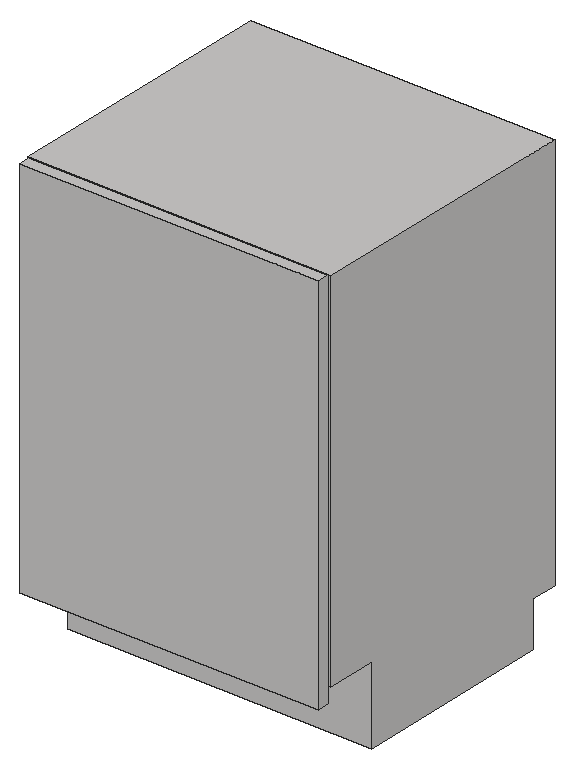
Revit family "DF480700", category Generic Models, Revit 2015
Parameters (values of type "DF480700")
  Width = 598 mm
  URL = "http://www.gaggenau.com."
  Model = "DF480700"
  Manufacturer = "Gaggenau"
  Height = 877 mm
  Fridge = Metal Panel
  Door = Metal Panel
  Description = "Gaggenau Dishwasher 400 series fully integrated (ADA compliant) Euro tub, appliance height 32 ³⁄₁₆\""
  Depth = 550 mm
Reference planes
  plane 1 "Center (Front/Back)": y = 0
  plane 2: z = 0
  plane 3 "Center (Left/Right)": x = 0
  plane 4: x = -299
  plane 5: x = 299
  plane 6: z = 877
  plane 7: z = 152
  plane 8: z = 89
  plane 9: z = 20
  plane 10: y = 275
  plane 11: y = -275
  plane 12: y = -297
Forms (mm)
  Extrusion 1, solid, material "Metal Panel" <- "Fridge"
    sketch origin (0, 0, 0) x (0, 1, 0) y (0, 0, 1)
      loop
        line (275, 89) -> (275, 877) -> (-275, 877) -> (-275, 152) -> (-175, 152) -> (-175, 0) -> (222, 0) -> (222, 89) -> (275, 89)
    from -299 to 299
  Extrusion 2, solid, material "Metal Panel" <- "Door"
    sketch origin (0, 0, 0) x (0, 1, 0) y (0, 0, 1)
      loop
        line (-297, 877) -> (-297, 120) -> (-275, 120) -> (-275, 877) -> (-297, 877)
    from -295.471 to 293.529
Dimensions and locks
  "Width": plane 4 to plane 5
  equal spacing: plane 4, plane 3 "Center (Left/Right)", plane 5
  "Height": plane 6 to level
  plane 7 to plane 2 = 152 mm
  plane 6 to plane 7 = 725 mm
  equal spacing: plane 10, plane 1 "Center (Front/Back)", plane 11
  "Depth": plane 10 to plane 11
  plane 10 to plane 11 = 550 mm
  aligned and locked: level to plane 2
  aligned and locked: plane 6 to Extrusion 2
Automatic sketch dimensions
  Extrusion 1 sketch curve to plane 6 = 0 mm
  Extrusion 1 sketch curve to plane 7 = 0 mm
  Extrusion 1 sketch curve to level = 0 mm
  Extrusion 1 sketch curve to plane 8 = 0 mm
  Extrusion 1 sketch curve to plane 10 = 0 mm
  Extrusion 1 sketch curve to plane 10 = 53 mm
  plane 11 to Extrusion 1 sketch curve = 0 mm
  Extrusion 2 sketch curve to plane 7 = 32 mm
  Extrusion 2 sketch curve to plane 11 = 22 mm
  plane 11 to Extrusion 2 sketch curve = 0 mm
  Extrusion 2 sketch curve to plane 6 = 0 mm
  plane 11 to Extrusion 1 sketch curve = 100 mm
